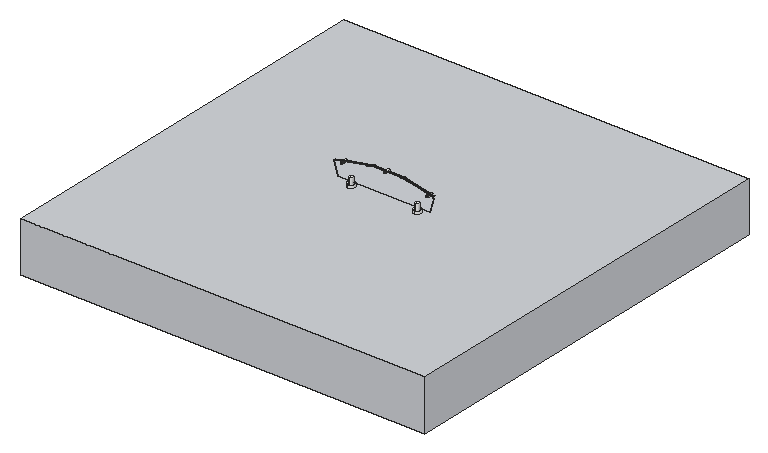
Revit family
Parameters
  URL = "http://caroma.com.au/bathrooms/bathroom-accessories/cosmo/cosmo-metal-shower-shelf-single"
  Model = "Cosmo Shower Shelf - Sinlge"
  Manufacturer = "Caroma"
  Glass Material = Caroma Glass
  Fitting Material = Caroma Chrome
  Description = "Contemporary style doesn’t have to mean edges and angles with the Caroma Cosmo Accessory range. Offering a stylish design with smooth, clean lines at a surprisingly economical price, Cosmo Accessories create the perfect finishing touch for any bathroom."
  Default Elevation = 0 mm
Reference planes
  plane 1 "Center (Front/Back)": y = 0
  plane 2: z = 0
  plane 3 "Center (Left/Right)": x = 0
  plane 4: z = 11
  plane 5: z = 20
  plane 6: z = 46
  plane 7: z = 156
  plane 8 "Left": x = -200
  plane 9 "Right": x = 200
  plane 10 "Left Glass": x = -299.04
  plane 11 "Right Glass": x = 299.04
  plane 12 "Right Fitting": x = 258.537
  plane 13 "Left Fitting": x = -258.537
  plane 14 "Middle Fitting": z = 141
  plane 15 "Rail": y = 26.5
Forms (mm)
  Extrusion 1, solid
    sketch origin (0, 0, 0) x (1, 0, 0) y (0, 1, 0)
      loop
        line (-1219.2, 1219.2) -> (-1219.2, -1219.2) -> (1219.2, -1219.2) -> (1219.2, 1219.2) -> (-1219.2, 1219.2)
    from 0 to -304.8
  Revolve 2, solid, material "Caroma Chrome" <- "Fitting Material"
    sketch origin (-200, 0, 0) x (0, 1, 0) y (0, 0, 1)
      loop
        line (-10.976, 46) -> (-10.976, 11) -> (-22.654, 11) -> (-22.654, 0) -> (0, 0) -> (0, 49.931)
        arc (0, 49.931) -> (-5.808, 48.858) -> (-10.976, 46) r 18.4
      axis (0, 49.931) -> (0, 0)
    angle from 0 to 360
  Revolve 3, solid, material "Caroma Chrome" <- "Fitting Material"
    sketch origin (200, 0, 0) x (0, 1, 0) y (0, 0, 1)
      loop
        line (-10.976, 46) -> (-10.976, 11) -> (-22.654, 11) -> (-22.654, 0) -> (0, 0) -> (0, 49.931)
        arc (0, 49.931) -> (-5.808, 48.858) -> (-10.976, 46) r 18.4
      axis (0, 49.931) -> (0, 0)
    angle from 0 to 360
  Extrusion 4, solid, material "Caroma Glass" <- "Glass Material"
    sketch origin (0, 0, 0) x (1, 0, 0) y (0, 0, 1)
      loop
        arc (298.857, 100.633) -> (298.316, 105.625) -> (294.571, 108.971) r 7
        arc (294.571, 108.971) -> (247.601, 122.916) -> (200, 134.527) r 992.956
        arc (200, 134.527) -> (100.578, 150.65) -> (0, 156) r 936.304
        arc (0, 156) -> (-100.578, 150.65) -> (-200, 134.527) r 936.304
        arc (-200, 134.527) -> (-247.601, 122.916) -> (-294.571, 108.971) r 992.956
        arc (-294.571, 108.971) -> (-298.316, 105.625) -> (-298.857, 100.633) r 7
        line (-298.857, 100.633) -> (-277.5, 20) -> (277.5, 20) -> (298.857, 100.633)
    from -3.5 to 3.5
  Revolve 5, solid, material "Caroma Chrome" <- "Fitting Material"
    sketch origin (258.537, 0, 0) x (0, 0, -1) y (0, -1, 0)
      loop
        arc (-104.408, -34.1) -> (-101.913, -33.828) -> (-99.497, -33.146) r 15.1
        line (-99.497, -33.146) -> (-99.497, -11.176) -> (-97.408, -9.1) -> (-97.408, -3.5) -> (-100.633, -3.5) -> (-100.633, 3.5) -> (-104.408, 3.5) -> (-104.408, -34.1)
      axis (-104.408, 3.5) -> (-104.408, -34.1)
    angle from 0 to 360
  Revolve 6, solid, material "Caroma Chrome" <- "Fitting Material"
    sketch origin (-258.537, 0, 0) x (0, 0, -1) y (0, -1, 0)
      loop
        arc (-104.408, -34.1) -> (-101.913, -33.828) -> (-99.497, -33.146) r 15.1
        line (-99.497, -33.146) -> (-99.497, -11.176) -> (-97.408, -9.1) -> (-97.408, -3.5) -> (-100.633, -3.5) -> (-100.633, 3.5) -> (-104.408, 3.5) -> (-104.408, -34.1)
      axis (-104.408, 3.5) -> (-104.408, -34.1)
    angle from 0 to 360
  Revolve 7, solid, material "Caroma Chrome" <- "Fitting Material"
    sketch origin (0, 0, 141) x (-1, 0, 0) y (0, -1, 0)
      loop
        line (0, -34.5) -> (0, -3.5) -> (-5, -3.5) -> (-5, -33.5)
        arc (-5, -33.5) -> (-2.548, -34.239) -> (0, -34.5) r 13.469
      axis (0, -34.5) -> (0, -3.5)
    angle from 0 to 360
  Sweep 8, solid, material "Caroma Chrome" <- "Fitting Material"
    path origin (0, 26.5, 0) x (0, 0, -1) y (-1, 0, 0)
      loop
        arc (-98.653, -277.704) -> (-141, 0) -> (-98.653, 277.704) r 931.739
    profile origin (0, 26.5, 141) x (0, 0, 1) y (0, 1, 0)
      loop
        circle (0, 0) r 3.242
Lines and regions (mm)
  symbolic lines
    curve 1: circle (-200, 0, 0) r 10.914 normal (0, 0, 1)
Dimensions and locks
  aligned and locked: plane 2 to Extrusion 1
  aligned and locked: level to Extrusion 1
